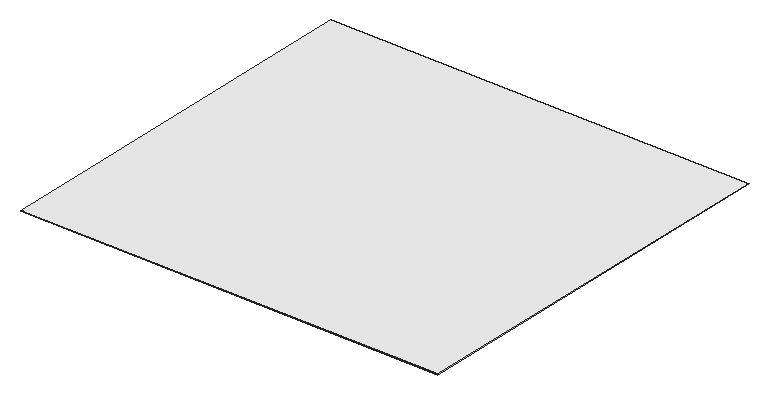
Revit family "GEN_Inner_Nested_template", category Generic Models, Revit 2025
Family settings
  Can host rebar = No
  Round Connector Dimension = Use Diameter
  Part Type = Normal
  Work Plane-Based = No
  Always vertical = Yes
  Cut with Voids When Loaded = No
  Maintain Annotation Orientation = No
  Shared = Yes
  Room Calculation Point = No
Parameters (values of type "Rectangle_Inner_Nested")
  Learning Link = ""
  HSL_drofus_room_func_no [instance] = ""
  HSL_WIDTH [instance] = 1880 mm
  HSL_ROOM_NUMBER [instance] = ""
  HSL_HEIGHT [instance] = 1574.089 mm
  HSL_DEPT_CODE [instance] = ""
  HSL_DEPTH [instance] = 1766.032 mm
  HSL_DEPARTMENT_2 [instance] = ""
  HSL_DEPARTMENT_1 [instance] = ""
  HSL_DEPARTMENT [instance] = ""
  HSL_CLIENT_REQ_AREA_DIFF_PERC [instance] = 0
  HSL_CLIENT_REQ_AREA_DIFF [instance] = 0.00 m²
  Default Elevation = 0 mm
Reference planes
  plane 1 "Center (Front/Back)": y = 0
  plane 2: z = 0
  plane 3 "Center (Left/Right)": x = 0
  plane 4: z = 1574.089
Forms (mm)
  Extrusion 1, solid, detail levels medium+fine
    sketch origin (0, 0, 0) x (1, 0, 0) y (0, 1, 0)
      loop
        line (-832.073, 775.089) -> (-832.073, -775.089) -> (832.073, -775.089) -> (832.073, 775.089) -> (-832.073, 775.089)
    from 0 to 1
Lines and regions (mm)
  model lines, style "InvisibleLines", detail levels medium+fine
    curve 1: line (0, 0, 0) -> (0, 0, 1574.089)
Dimensions and locks
  "HSL_HEIGHT": plane 4 to level
  aligned and locked: level to plane 2
  aligned and locked: plane 4 to curve 1
  aligned and locked: level to curve 1
  aligned and locked: plane 3 "Center (Left/Right)" to curve 1
Automatic sketch dimensions
  plane 3 "Center (Left/Right)" to Extrusion 1 sketch curve = 832.073 mm
  Extrusion 1 sketch curve to plane 3 "Center (Left/Right)" = 832.073 mm
  Extrusion 1 sketch curve to plane 1 "Center (Front/Back)" = 775.089 mm
  plane 1 "Center (Front/Back)" to Extrusion 1 sketch curve = 775.089 mm
